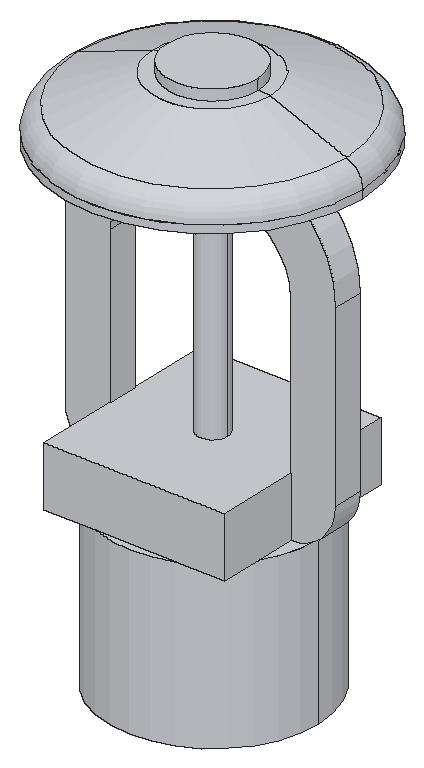
Revit family
Parameters (values of type "RASCO F156 UPRIGHT")
  URL = ""
  Temperature Rating = 135 °F
  Response = (empty or 0)
  RASCO SIN # = "RA1325"
  RASCO Part # = "F56U0B"
  Pressure Rating = "175 PSI"
  Pressure Class = (empty or 0)
  Orifice Size = 1/2"
  Orifice = (empty or 0)
  Model = "F156"
  Manufacturer = "RASCO"
  K-Factor = 5.6
  Description = "Brz. Finish"
  Coverage = (empty or 0)
Reference planes (in)
  plane 1 "Center (Front/Back)": y = 0
  plane 2: z = 0
  plane 3 "Center (Left/Right)": x = 0
Nested families (in)
  nested 1: "F56U0B" at (0, 0, 0), type "RASCO F156 UPRIGHT"
Connectors (in)
  piping at (0, 0, 0)
    settings: on nested 1, index 1, connector radius 55/128", flow factor 0, pipe flow 0 GPM, pressure drop 0.00 psi, fitting loss kfactor 0, connector angle 0.00°, fixture units 0, flow configuration 0, flow direction 0, fitting loss method 0, system type 7, connector reference index -1, connector utility 0, adjustable connector no, is connector primary yes, fitting loss table "", connector description ""
Definition of nested family "F56U0B"
  Parameters (values of type "RASCO F156 UPRIGHT")
    Type Comments = ""
    Temperature Rating = 0 °F
    Response = (empty or 0)
    Pressure Rating = "0"
    Pressure Class = (empty or 0)
    Orifice Size = 0"
    Orifice = (empty or 0)
    Model = ""
    Manufacturer = ""
    K-Factor = 0
    Description = ""
    Coverage = (empty or 0)
    Assembly Code = ""
  Reference planes (in)
    plane 1 "Center (Front/Back)": y = 0
    plane 2: z = 0
    plane 3 "ref.2": z = 0.6875
    plane 4 "ref.3": z = 0.9375
    plane 5: x = -0.38065
    plane 6: x = 0.36935
    plane 7 "ref. side 1": y = 0.06402
    plane 8 "ref. side 2": y = -0.06098
    plane 9 "ref.4": z = 1.875
    plane 10 "ref.5": z = 2.3125
    plane 11 "ref.6": z = 2.4375
  Forms (in)
    Extrusion 1, solid
      sketch origin (0, 0, 0) x (1, 0, 0) y (0, 1, 0)
        loop
          circle (0, 0) r 0.4375
      from 0 to 0.6875
    Extrusion 2, solid
      sketch origin (-0.12185, 0.05177, 0.6875) x (1, 0, 0) y (0, 1, 0)
        loop
          line (-0.2588, 0.356) -> (-0.2588, -0.4565) -> (0.4912, -0.4565) -> (0.4912, 0.356) -> (-0.2588, 0.356)
      from 0 to 0.25
    Extrusion 3, solid
      sketch origin (0, 0, 0) x (1, 0, 0) y (0, 0, 1)
        loop
          line (-0.38065, 0.68754) -> (-0.38065, 1.58397)
          arc (-0.38065, 1.58397) -> (-0.29541, 1.78976) -> (-0.08962, 1.875) r 0.29103
          line (-0.08962, 1.875) -> (0.07524, 1.875)
          arc (0.07524, 1.875) -> (0.28321, 1.78886) -> (0.36935, 1.58089) r 0.29411
          line (0.36935, 1.58089) -> (0.36935, 0.68751)
          arc (0.36935, 0.68751) -> (0.50207, 0.74393) -> (0.55685, 0.87734) r 0.18984
          line (0.55685, 0.87734) -> (0.55685, 1.61676)
          arc (0.55685, 1.61676) -> (0.42629, 1.93194) -> (0.11111, 2.0625) r 0.44574
          line (0.11111, 2.0625) -> (-0.12259, 2.0625)
          arc (-0.12259, 2.0625) -> (-0.43765, 1.932) -> (-0.56815, 1.61694) r 0.44556
          line (-0.56815, 1.61694) -> (-0.56815, 0.87876)
          arc (-0.56815, 0.87876) -> (-0.51345, 0.74486) -> (-0.38065, 0.68754) r 0.19126
      from -0.06402 to 0.06098
    Extrusion 4, solid
      sketch origin (0, 0, 0.9375) x (-1, 0, 0) y (0, -1, 0)
        loop
          circle (0.00574, -0.00152) r 0.0625
      from 0 to 0.9375
    Extrusion 5, solid
      sketch origin (0, 0, 1.875) x (-1, 0, 0) y (0, -1, 0)
        loop
          circle (0.00574, -0.00152) r 0.1875
      from 0 to 0.4375
    Revolve 6, solid
      sketch origin (0, 0, -0.31276) x (1, 0, 0) y (0, 0, 1)
        loop
          line (-0.19324, 2.33367) -> (-0.19324, 2.58367) -> (-0.24995, 2.58367) -> (-0.56395, 2.46314)
          arc (-0.56395, 2.46314) -> (-0.61243, 2.42492) -> (-0.63074, 2.36595) r 0.1041
          line (-0.63074, 2.36595) -> (-0.63074, 2.33367) -> (-0.19324, 2.33367)
        axis (-0.00574, 2.33367) -> (-0.00574, 2.58367)
      angle from 0 to 360
  Cuts and joins
    joined: Extrusion 1, Extrusion 2, Extrusion 4, Revolve 6
  Lines and regions (in)
    model lines
      curve 1: line (-0.00574, 0.06402, 1.875) -> (-0.00574, -0.06098, 1.875)
